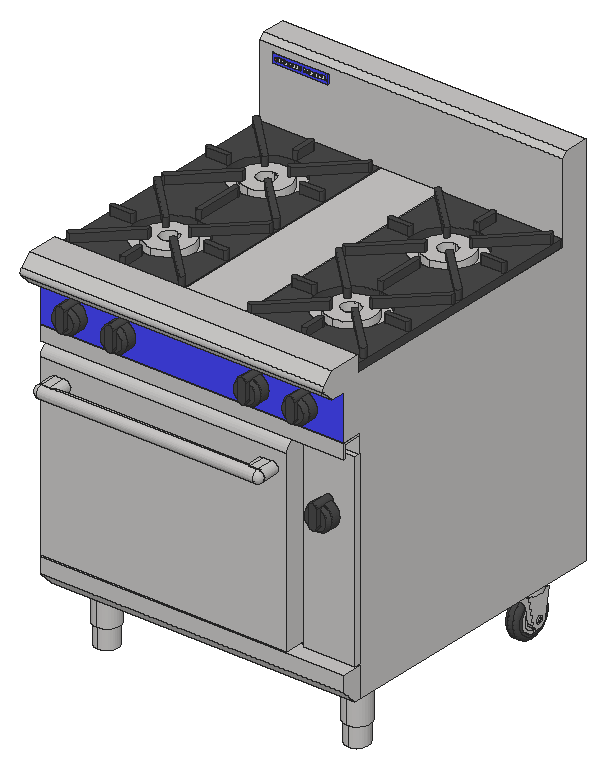
Revit family "QF_MOFFAT_BLUESEAL_CE_G505D", category Specialty Equipment, Revit 2012
Parameters
  Width = 750 mm  # constant formula
  Weight in Pounds = 401
  URL Cutsheet = "www.moffat.com"
  URL = "www.moffat.com"
  Type Mark [instance] = ""
  Status [instance] = ""
  Specification by User [instance] = ""
  Specification by Manufacturer = ""
  Show Logo [instance] = yes
  Show Clearance [instance] = yes
  Show Casters [instance] = yes
  Serial Number = ""
  Seismic Rating = ""
  SMACNA No = ""
  Revision Code [instance] = ""
  Omniclass Number and Title = ""
  NAFEM Spec ID Number = ""
  Model = "G505D"
  Mechanical Remarks [instance] = ""
  Mechanical Connection Type [instance] = ""
  Masterspec = ""
  Manufacturer = "MOFFAT BLUESEAL"
  Legs [instance] = not(Show Casters)  # no
  Item Number [instance] = ""
  Installed By [instance] = ""
  Identify Quantity as Lot [instance] = yes
  Height = 1085 mm  # constant formula
  Gas Size = 3/4"
  Gas RI Height [instance] = 0 mm
  Gas KW [instance] = 39.4
  Gas Input [instance] = 134590.0 Btu/h
  Gas Connection Height = 0 mm
  Furnished By [instance] = ""
  Foodservice Equipment Identifier [instance] = yes
  Description = "750MM GAS RANGE WITH STATIC OVEN"
  Depth = 812 mm  # constant formula
  CSI MasterFormat = ""
  CSI Master Format = ""
Reference planes
  plane 1 "BACK": y = 0
  plane 2: z = 0
  plane 3 "LEFT": x = 0
  plane 4 "RIGHT": x = 750
  plane 5 "FRONT": y = -812
  plane 6 "TOP": z = 970
  plane 7 "Center Y": x = 375
  plane 8 "Center X": y = -406
  plane 9: y = -100
  plane 10 "Base Height": z = 150
  plane 11: x = 65.8
  plane 12: x = 620
  plane 13: x = 685
  plane 14: x = 684.2
  plane 15: y = -500
  plane 16: x = 676
  plane 17: z = 1085
Forms (mm)
  Extrusion 1, solid, material "QF_Finishes_Stainless Steel"
    sketch origin (0, 0, 0) x (0, 1, 0) y (0, 0, 1)
      loop
        line (-784.97, 850) -> (-749, 850) -> (-749, 740) -> (-699, 740) -> (-699, 150) -> (0, 150) -> (0, 1085) -> (-57.5, 1085) -> (-70, 1072.5) -> (-70, 875) -> (-705, 875) -> (-705, 915) -> (-783.97, 915) -> (-808.469, 890.501)
        arc (-808.469, 890.501) -> (-811.99, 882) -> (-808.469, 873.499) r 12.022
        line (-808.469, 873.499) -> (-784.97, 850)
    from 0 to 750
  Extrusion 2, solid, material "QF_Finishes_Stainless Steel"
    sketch origin (555.062, 3, 100) x (1, 0, 0) y (0, 1, 0)
      loop
        circle (65, -35) r 13.5
    from 555 to 640
  Revolve 3, solid, material "QF_Finishes_Stainless Steel"
    sketch origin (65, -728, 0) x (0, 1, 0) y (0, 0, 1)
      loop
        line (71.25, 150) -> (71.25, 50) -> (75.5, 50) -> (75.5, 0) -> (103, 0) -> (103, 150) -> (71.25, 150)
      axis (103, 150) -> (103, 0)
    angle from 0 to 360
  Extrusion 4, solid, material "QF_Finishes_Black"
    sketch origin (0, -70, 875) x (0, -1, 0) y (1, 0, 0)
      loop
        arc (1, 4) -> (1.879, 1.879) -> (4, 1) r 3
        line (4, 1) -> (632, 1)
        arc (632, 1) -> (634.121, 1.879) -> (635, 4) r 3
        line (635, 4) -> (635, 297)
        arc (635, 297) -> (634.121, 299.121) -> (632, 300) r 3
        line (632, 300) -> (4, 300)
        arc (4, 300) -> (1.879, 299.121) -> (1, 297) r 3
        line (1, 297) -> (1, 4)
      loop
        circle (167.5, 150) r 85
      loop
        circle (467.768, 150) r 85
    from 0 to 19.5
  Extrusion 5, solid, material "QF_Finishes_Black"
    sketch origin (0, -73.5, 894.5) x (0, -1, 0) y (1, 0, 0)
      loop
        spline (323.602, 15.153) -> (322.681, 13.924) -> (322.131, 12.47) -> (321.99, 10.89) -> (322.267, 9.292) -> (322.943, 7.786) -> (323.973, 6.473) -> (325.286, 5.443) -> (326.792, 4.767) -> (328.39, 4.49) -> (329.97, 4.631) -> (331.424, 5.181) -> (332.653, 6.102)
        line (332.653, 6.102) -> (440.576, 114.025)
        spline (440.576, 114.025) -> (441.337, 115.095) -> (441.738, 116.399) -> (441.751, 117.851) -> (441.375, 119.35) -> (440.637, 120.795) -> (439.586, 122.086) -> (438.295, 123.137) -> (436.85, 123.875) -> (435.351, 124.251) -> (433.899, 124.238) -> (432.595, 123.837) -> (431.525, 123.076)
        line (431.525, 123.076) -> (323.602, 15.153)
      loop
        spline (371.852, 143.6) -> (373.146, 143.818) -> (374.352, 144.457) -> (375.388, 145.475) -> (376.182, 146.8) -> (376.682, 148.344) -> (376.852, 150) -> (376.682, 151.656) -> (376.182, 153.2) -> (375.388, 154.525) -> (374.352, 155.543) -> (373.146, 156.182) -> (371.852, 156.4)
        line (371.852, 156.4) -> (259.398, 156.4)
        spline (259.398, 156.4) -> (258.104, 156.182) -> (256.898, 155.543) -> (255.862, 154.525) -> (255.068, 153.2) -> (254.568, 151.656) -> (254.398, 150) -> (254.568, 148.344) -> (255.068, 146.8) -> (255.862, 145.475) -> (256.898, 144.457) -> (258.104, 143.818) -> (259.398, 143.6)
        line (259.398, 143.6) -> (371.852, 143.6)
      loop
        line (311.398, 15.153) -> (203.475, 123.076)
        spline (203.475, 123.076) -> (202.405, 123.837) -> (201.101, 124.238) -> (199.649, 124.251) -> (198.15, 123.875) -> (196.705, 123.137) -> (195.414, 122.086) -> (194.363, 120.795) -> (193.625, 119.35) -> (193.249, 117.851) -> (193.262, 116.399) -> (193.663, 115.095) -> (194.424, 114.025)
        line (194.424, 114.025) -> (302.347, 6.102)
        spline (302.347, 6.102) -> (303.416, 5.341) -> (304.721, 4.941) -> (306.172, 4.928) -> (307.671, 5.303) -> (309.116, 6.041) -> (310.408, 7.092) -> (311.459, 8.384) -> (312.197, 9.829) -> (312.572, 11.328) -> (312.559, 12.779) -> (312.159, 14.084) -> (311.398, 15.153)
      loop
        line (323.602, 284.847) -> (431.525, 176.924)
        spline (431.525, 176.924) -> (432.595, 176.163) -> (433.899, 175.762) -> (435.351, 175.749) -> (436.85, 176.125) -> (438.295, 176.863) -> (439.586, 177.914) -> (440.637, 179.205) -> (441.375, 180.65) -> (441.751, 182.149) -> (441.738, 183.601) -> (441.337, 184.905) -> (440.576, 185.975)
        line (440.576, 185.975) -> (332.653, 293.898)
        spline (332.653, 293.898) -> (331.424, 294.819) -> (329.97, 295.369) -> (328.39, 295.51) -> (326.792, 295.233) -> (325.286, 294.557) -> (323.973, 293.527) -> (322.943, 292.214) -> (322.267, 290.708) -> (321.99, 289.11) -> (322.131, 287.53) -> (322.681, 286.076) -> (323.602, 284.847)
      loop
        spline (311.398, 284.847) -> (312.159, 285.916) -> (312.559, 287.221) -> (312.572, 288.672) -> (312.197, 290.171) -> (311.459, 291.616) -> (310.408, 292.908) -> (309.116, 293.959) -> (307.671, 294.697) -> (306.172, 295.072) -> (304.721, 295.059) -> (303.416, 294.659) -> (302.347, 293.898)
        line (302.347, 293.898) -> (194.424, 185.975)
        spline (194.424, 185.975) -> (193.663, 184.905) -> (193.262, 183.601) -> (193.249, 182.149) -> (193.625, 180.65) -> (194.363, 179.205) -> (195.414, 177.914) -> (196.705, 176.863) -> (198.15, 176.125) -> (199.649, 175.749) -> (201.101, 175.762) -> (202.405, 176.163) -> (203.475, 176.924)
        line (203.475, 176.924) -> (311.398, 284.847)
      loop
        spline (73.549, 143.6) -> (74.844, 143.818) -> (76.049, 144.457) -> (77.085, 145.475) -> (77.88, 146.8) -> (78.379, 148.344) -> (78.549, 150) -> (78.379, 151.656) -> (77.88, 153.2) -> (77.085, 154.525) -> (76.049, 155.543) -> (74.844, 156.182) -> (73.549, 156.4)
        line (73.549, 156.4) -> (25.093, 156.4)
        spline (25.093, 156.4) -> (23.799, 156.182) -> (22.593, 155.543) -> (21.558, 154.525) -> (20.763, 153.2) -> (20.264, 151.656) -> (20.093, 150) -> (20.264, 148.344) -> (20.763, 146.8) -> (21.558, 145.475) -> (22.593, 144.457) -> (23.799, 143.818) -> (25.093, 143.6)
        line (25.093, 143.6) -> (73.549, 143.6)
      loop
        spline (608.1, 143.6) -> (609.394, 143.818) -> (610.6, 144.457) -> (611.636, 145.475) -> (612.43, 146.8) -> (612.93, 148.344) -> (613.1, 150) -> (612.93, 151.656) -> (612.43, 153.2) -> (611.636, 154.525) -> (610.6, 155.543) -> (609.394, 156.182) -> (608.1, 156.4)
        line (608.1, 156.4) -> (558.644, 156.4)
        spline (558.644, 156.4) -> (557.35, 156.182) -> (556.144, 155.543) -> (555.108, 154.525) -> (554.314, 153.2) -> (553.814, 151.656) -> (553.644, 150) -> (553.814, 148.344) -> (554.314, 146.8) -> (555.108, 145.475) -> (556.144, 144.457) -> (557.35, 143.818) -> (558.644, 143.6)
        line (558.644, 143.6) -> (608.1, 143.6)
      loop
        spline (457.6, 10.156) -> (457.818, 8.862) -> (458.457, 7.656) -> (459.475, 6.62) -> (460.8, 5.826) -> (462.344, 5.326) -> (464, 5.156) -> (465.656, 5.326) -> (467.2, 5.826) -> (468.525, 6.62) -> (469.543, 7.656) -> (470.182, 8.862) -> (470.4, 10.156)
        line (470.4, 10.156) -> (470.4, 58.612)
        spline (470.4, 58.612) -> (470.182, 59.906) -> (469.543, 61.112) -> (468.525, 62.148) -> (467.2, 62.942) -> (465.656, 63.442) -> (464, 63.612) -> (462.344, 63.442) -> (460.8, 62.942) -> (459.475, 62.148) -> (458.457, 61.112) -> (457.818, 59.906) -> (457.6, 58.612)
        line (457.6, 58.612) -> (457.6, 10.156)
      loop
        spline (160.966, 10.156) -> (161.184, 8.862) -> (161.823, 7.656) -> (162.841, 6.62) -> (164.166, 5.826) -> (165.71, 5.326) -> (167.366, 5.156) -> (169.022, 5.326) -> (170.566, 5.826) -> (171.892, 6.62) -> (172.909, 7.656) -> (173.548, 8.862) -> (173.766, 10.156)
        line (173.766, 10.156) -> (173.766, 58.612)
        spline (173.766, 58.612) -> (173.548, 59.906) -> (172.909, 61.112) -> (171.892, 62.148) -> (170.566, 62.942) -> (169.022, 63.442) -> (167.366, 63.612) -> (165.71, 63.442) -> (164.166, 62.942) -> (162.841, 62.148) -> (161.823, 61.112) -> (161.184, 59.906) -> (160.966, 58.612)
        line (160.966, 58.612) -> (160.966, 10.156)
      loop
        spline (457.6, 241.636) -> (457.818, 240.342) -> (458.457, 239.136) -> (459.475, 238.1) -> (460.8, 237.306) -> (462.344, 236.806) -> (464, 236.636) -> (465.656, 236.806) -> (467.2, 237.306) -> (468.525, 238.1) -> (469.543, 239.136) -> (470.182, 240.342) -> (470.4, 241.636)
        line (470.4, 241.636) -> (470.4, 290.092)
        spline (470.4, 290.092) -> (470.182, 291.386) -> (469.543, 292.592) -> (468.525, 293.628) -> (467.2, 294.422) -> (465.656, 294.922) -> (464, 295.092) -> (462.344, 294.922) -> (460.8, 294.422) -> (459.475, 293.628) -> (458.457, 292.592) -> (457.818, 291.386) -> (457.6, 290.092)
        line (457.6, 290.092) -> (457.6, 241.636)
      loop
        spline (160.966, 241.636) -> (161.184, 240.342) -> (161.823, 239.136) -> (162.841, 238.1) -> (164.166, 237.306) -> (165.71, 236.806) -> (167.366, 236.636) -> (169.022, 236.806) -> (170.566, 237.306) -> (171.892, 238.1) -> (172.909, 239.136) -> (173.548, 240.342) -> (173.766, 241.636)
        line (173.766, 241.636) -> (173.766, 290.092)
        spline (173.766, 290.092) -> (173.548, 291.386) -> (172.909, 292.592) -> (171.892, 293.628) -> (170.566, 294.422) -> (169.022, 294.922) -> (167.366, 295.092) -> (165.71, 294.922) -> (164.166, 294.422) -> (162.841, 293.628) -> (161.823, 292.592) -> (161.184, 291.386) -> (160.966, 290.092)
        line (160.966, 290.092) -> (160.966, 241.636)
      loop
        line (323.602, 734.847) -> (431.525, 626.924)
        spline (431.525, 626.924) -> (432.595, 626.163) -> (433.899, 625.762) -> (435.351, 625.749) -> (436.85, 626.125) -> (438.295, 626.863) -> (439.586, 627.914) -> (440.637, 629.205) -> (441.375, 630.65) -> (441.751, 632.149) -> (441.738, 633.601) -> (441.337, 634.905) -> (440.576, 635.975)
        line (440.576, 635.975) -> (332.653, 743.898)
        spline (332.653, 743.898) -> (331.424, 744.819) -> (329.97, 745.369) -> (328.39, 745.51) -> (326.792, 745.233) -> (325.286, 744.557) -> (323.973, 743.527) -> (322.943, 742.214) -> (322.267, 740.708) -> (321.99, 739.11) -> (322.131, 737.53) -> (322.681, 736.076) -> (323.602, 734.847)
      loop
        line (371.852, 606.4) -> (259.398, 606.4)
        spline (259.398, 606.4) -> (258.104, 606.182) -> (256.898, 605.543) -> (255.862, 604.525) -> (255.068, 603.2) -> (254.568, 601.656) -> (254.398, 600) -> (254.568, 598.344) -> (255.068, 596.8) -> (255.862, 595.475) -> (256.898, 594.457) -> (258.104, 593.818) -> (259.398, 593.6)
        line (259.398, 593.6) -> (371.852, 593.6)
        spline (371.852, 593.6) -> (373.146, 593.818) -> (374.352, 594.457) -> (375.388, 595.475) -> (376.182, 596.8) -> (376.682, 598.344) -> (376.852, 600) -> (376.682, 601.656) -> (376.182, 603.2) -> (375.388, 604.525) -> (374.352, 605.543) -> (373.146, 606.182) -> (371.852, 606.4)
      loop
        spline (311.398, 734.847) -> (312.159, 735.916) -> (312.559, 737.221) -> (312.572, 738.672) -> (312.197, 740.171) -> (311.459, 741.616) -> (310.408, 742.908) -> (309.116, 743.959) -> (307.671, 744.697) -> (306.172, 745.072) -> (304.721, 745.059) -> (303.416, 744.659) -> (302.347, 743.898)
        line (302.347, 743.898) -> (194.424, 635.975)
        spline (194.424, 635.975) -> (193.663, 634.905) -> (193.262, 633.601) -> (193.249, 632.149) -> (193.625, 630.65) -> (194.363, 629.205) -> (195.414, 627.914) -> (196.705, 626.863) -> (198.15, 626.125) -> (199.649, 625.749) -> (201.101, 625.762) -> (202.405, 626.163) -> (203.475, 626.924)
        line (203.475, 626.924) -> (311.398, 734.847)
      loop
        spline (323.602, 465.153) -> (322.681, 463.924) -> (322.131, 462.47) -> (321.99, 460.89) -> (322.267, 459.292) -> (322.943, 457.786) -> (323.973, 456.473) -> (325.286, 455.443) -> (326.792, 454.767) -> (328.39, 454.49) -> (329.97, 454.631) -> (331.424, 455.181) -> (332.653, 456.102)
        line (332.653, 456.102) -> (440.576, 564.025)
        spline (440.576, 564.025) -> (441.337, 565.095) -> (441.738, 566.399) -> (441.751, 567.851) -> (441.375, 569.35) -> (440.637, 570.795) -> (439.586, 572.086) -> (438.295, 573.137) -> (436.85, 573.875) -> (435.351, 574.251) -> (433.899, 574.238) -> (432.595, 573.837) -> (431.525, 573.076)
        line (431.525, 573.076) -> (323.602, 465.153)
      loop
        line (311.398, 465.153) -> (203.475, 573.076)
        spline (203.475, 573.076) -> (202.405, 573.837) -> (201.101, 574.238) -> (199.649, 574.251) -> (198.15, 573.875) -> (196.705, 573.137) -> (195.414, 572.086) -> (194.363, 570.795) -> (193.625, 569.35) -> (193.249, 567.851) -> (193.262, 566.399) -> (193.663, 565.095) -> (194.424, 564.025)
        line (194.424, 564.025) -> (302.347, 456.102)
        spline (302.347, 456.102) -> (303.416, 455.341) -> (304.721, 454.941) -> (306.172, 454.928) -> (307.671, 455.303) -> (309.116, 456.041) -> (310.408, 457.092) -> (311.459, 458.384) -> (312.197, 459.829) -> (312.572, 461.328) -> (312.559, 462.779) -> (312.159, 464.084) -> (311.398, 465.153)
      loop
        line (73.549, 606.4) -> (25.093, 606.4)
        spline (25.093, 606.4) -> (23.799, 606.182) -> (22.593, 605.543) -> (21.558, 604.525) -> (20.763, 603.2) -> (20.264, 601.656) -> (20.093, 600) -> (20.264, 598.344) -> (20.763, 596.8) -> (21.558, 595.475) -> (22.593, 594.457) -> (23.799, 593.818) -> (25.093, 593.6)
        line (25.093, 593.6) -> (73.549, 593.6)
        spline (73.549, 593.6) -> (74.844, 593.818) -> (76.049, 594.457) -> (77.085, 595.475) -> (77.88, 596.8) -> (78.379, 598.344) -> (78.549, 600) -> (78.379, 601.656) -> (77.88, 603.2) -> (77.085, 604.525) -> (76.049, 605.543) -> (74.844, 606.182) -> (73.549, 606.4)
      loop
        line (608.1, 606.4) -> (558.644, 606.4)
        spline (558.644, 606.4) -> (557.35, 606.182) -> (556.144, 605.543) -> (555.108, 604.525) -> (554.314, 603.2) -> (553.814, 601.656) -> (553.644, 600) -> (553.814, 598.344) -> (554.314, 596.8) -> (555.108, 595.475) -> (556.144, 594.457) -> (557.35, 593.818) -> (558.644, 593.6)
        line (558.644, 593.6) -> (608.1, 593.6)
        spline (608.1, 593.6) -> (609.394, 593.818) -> (610.6, 594.457) -> (611.636, 595.475) -> (612.43, 596.8) -> (612.93, 598.344) -> (613.1, 600) -> (612.93, 601.656) -> (612.43, 603.2) -> (611.636, 604.525) -> (610.6, 605.543) -> (609.394, 606.182) -> (608.1, 606.4)
      loop
        line (457.6, 739.844) -> (457.6, 691.388)
        spline (457.6, 691.388) -> (457.818, 690.094) -> (458.457, 688.888) -> (459.475, 687.852) -> (460.8, 687.058) -> (462.344, 686.558) -> (464, 686.388) -> (465.656, 686.558) -> (467.2, 687.058) -> (468.525, 687.852) -> (469.543, 688.888) -> (470.182, 690.094) -> (470.4, 691.388)
        line (470.4, 691.388) -> (470.4, 739.844)
        spline (470.4, 739.844) -> (470.182, 741.138) -> (469.543, 742.344) -> (468.525, 743.38) -> (467.2, 744.174) -> (465.656, 744.674) -> (464, 744.844) -> (462.344, 744.674) -> (460.8, 744.174) -> (459.475, 743.38) -> (458.457, 742.344) -> (457.818, 741.138) -> (457.6, 739.844)
      loop
        line (160.966, 739.844) -> (160.966, 691.388)
        spline (160.966, 691.388) -> (161.184, 690.094) -> (161.823, 688.888) -> (162.841, 687.852) -> (164.166, 687.058) -> (165.71, 686.558) -> (167.366, 686.388) -> (169.022, 686.558) -> (170.566, 687.058) -> (171.892, 687.852) -> (172.909, 688.888) -> (173.548, 690.094) -> (173.766, 691.388)
        line (173.766, 691.388) -> (173.766, 739.844)
        spline (173.766, 739.844) -> (173.548, 741.138) -> (172.909, 742.344) -> (171.892, 743.38) -> (170.566, 744.174) -> (169.022, 744.674) -> (167.366, 744.844) -> (165.71, 744.674) -> (164.166, 744.174) -> (162.841, 743.38) -> (161.823, 742.344) -> (161.184, 741.138) -> (160.966, 739.844)
      loop
        line (457.6, 508.364) -> (457.6, 459.908)
        spline (457.6, 459.908) -> (457.818, 458.614) -> (458.457, 457.408) -> (459.475, 456.372) -> (460.8, 455.578) -> (462.344, 455.078) -> (464, 454.908) -> (465.656, 455.078) -> (467.2, 455.578) -> (468.525, 456.372) -> (469.543, 457.408) -> (470.182, 458.614) -> (470.4, 459.908)
        line (470.4, 459.908) -> (470.4, 508.364)
        spline (470.4, 508.364) -> (470.182, 509.658) -> (469.543, 510.864) -> (468.525, 511.9) -> (467.2, 512.694) -> (465.656, 513.194) -> (464, 513.364) -> (462.344, 513.194) -> (460.8, 512.694) -> (459.475, 511.9) -> (458.457, 510.864) -> (457.818, 509.658) -> (457.6, 508.364)
      loop
        line (160.966, 508.364) -> (160.966, 459.908)
        spline (160.966, 459.908) -> (161.184, 458.614) -> (161.823, 457.408) -> (162.841, 456.372) -> (164.166, 455.578) -> (165.71, 455.078) -> (167.366, 454.908) -> (169.022, 455.078) -> (170.566, 455.578) -> (171.892, 456.372) -> (172.909, 457.408) -> (173.548, 458.614) -> (173.766, 459.908)
        line (173.766, 459.908) -> (173.766, 508.364)
        spline (173.766, 508.364) -> (173.548, 509.658) -> (172.909, 510.864) -> (171.892, 511.9) -> (170.566, 512.694) -> (169.022, 513.194) -> (167.366, 513.364) -> (165.71, 513.194) -> (164.166, 512.694) -> (162.841, 511.9) -> (161.823, 510.864) -> (161.184, 509.658) -> (160.966, 508.364)
      loop
        spline (604.398, 734.847) -> (605.319, 736.076) -> (605.869, 737.53) -> (606.01, 739.11) -> (605.733, 740.708) -> (605.057, 742.214) -> (604.027, 743.527) -> (602.714, 744.557) -> (601.208, 745.233) -> (599.61, 745.51) -> (598.03, 745.369) -> (596.576, 744.819) -> (595.347, 743.898)
        line (595.347, 743.898) -> (487.424, 635.975)
        spline (487.424, 635.975) -> (486.663, 634.905) -> (486.262, 633.601) -> (486.249, 632.149) -> (486.625, 630.65) -> (487.363, 629.205) -> (488.414, 627.914) -> (489.705, 626.863) -> (491.15, 626.125) -> (492.649, 625.749) -> (494.101, 625.762) -> (495.405, 626.163) -> (496.475, 626.924)
        line (496.475, 626.924) -> (604.398, 734.847)
      loop
        line (604.398, 465.153) -> (496.475, 573.076)
        spline (496.475, 573.076) -> (495.405, 573.837) -> (494.101, 574.238) -> (492.649, 574.251) -> (491.15, 573.875) -> (489.705, 573.137) -> (488.414, 572.086) -> (487.363, 570.795) -> (486.625, 569.35) -> (486.249, 567.851) -> (486.262, 566.399) -> (486.663, 565.095) -> (487.424, 564.025)
        line (487.424, 564.025) -> (595.347, 456.102)
        spline (595.347, 456.102) -> (596.576, 455.181) -> (598.03, 454.631) -> (599.61, 454.49) -> (601.208, 454.767) -> (602.714, 455.443) -> (604.027, 456.473) -> (605.057, 457.786) -> (605.733, 459.292) -> (606.01, 460.89) -> (605.869, 462.47) -> (605.319, 463.924) -> (604.398, 465.153)
      loop
        line (604.398, 15.153) -> (496.475, 123.076)
        spline (496.475, 123.076) -> (495.405, 123.837) -> (494.101, 124.238) -> (492.649, 124.251) -> (491.15, 123.875) -> (489.705, 123.137) -> (488.414, 122.086) -> (487.363, 120.795) -> (486.625, 119.35) -> (486.249, 117.851) -> (486.262, 116.399) -> (486.663, 115.095) -> (487.424, 114.025)
        line (487.424, 114.025) -> (595.347, 6.102)
        spline (595.347, 6.102) -> (596.576, 5.181) -> (598.03, 4.631) -> (599.61, 4.49) -> (601.208, 4.767) -> (602.714, 5.443) -> (604.027, 6.473) -> (605.057, 7.786) -> (605.733, 9.292) -> (606.01, 10.89) -> (605.869, 12.47) -> (605.319, 13.924) -> (604.398, 15.153)
      loop
        spline (604.398, 284.847) -> (605.319, 286.076) -> (605.869, 287.53) -> (606.01, 289.11) -> (605.733, 290.708) -> (605.057, 292.214) -> (604.027, 293.527) -> (602.714, 294.557) -> (601.208, 295.233) -> (599.61, 295.51) -> (598.03, 295.369) -> (596.576, 294.819) -> (595.347, 293.898)
        line (595.347, 293.898) -> (487.424, 185.975)
        spline (487.424, 185.975) -> (486.663, 184.905) -> (486.262, 183.601) -> (486.249, 182.149) -> (486.625, 180.65) -> (487.363, 179.205) -> (488.414, 177.914) -> (489.705, 176.863) -> (491.15, 176.125) -> (492.649, 175.749) -> (494.101, 175.762) -> (495.405, 176.163) -> (496.475, 176.924)
        line (496.475, 176.924) -> (604.398, 284.847)
      loop
        line (16.602, 734.847) -> (124.525, 626.924)
        spline (124.525, 626.924) -> (125.595, 626.163) -> (126.899, 625.762) -> (128.351, 625.749) -> (129.85, 626.125) -> (131.295, 626.863) -> (132.586, 627.914) -> (133.637, 629.205) -> (134.375, 630.65) -> (134.751, 632.149) -> (134.738, 633.601) -> (134.337, 634.905) -> (133.576, 635.975)
        line (133.576, 635.975) -> (25.653, 743.898)
        spline (25.653, 743.898) -> (24.584, 744.659) -> (23.279, 745.059) -> (21.828, 745.072) -> (20.329, 744.697) -> (18.884, 743.959) -> (17.592, 742.908) -> (16.541, 741.616) -> (15.803, 740.171) -> (15.428, 738.672) -> (15.441, 737.221) -> (15.841, 735.916) -> (16.602, 734.847)
      loop
        spline (16.602, 465.153) -> (15.841, 464.084) -> (15.441, 462.779) -> (15.428, 461.328) -> (15.803, 459.829) -> (16.541, 458.384) -> (17.592, 457.092) -> (18.884, 456.041) -> (20.329, 455.303) -> (21.828, 454.928) -> (23.279, 454.941) -> (24.584, 455.341) -> (25.653, 456.102)
        line (25.653, 456.102) -> (133.576, 564.025)
        spline (133.576, 564.025) -> (134.337, 565.095) -> (134.738, 566.399) -> (134.751, 567.851) -> (134.375, 569.35) -> (133.637, 570.795) -> (132.586, 572.086) -> (131.295, 573.137) -> (129.85, 573.875) -> (128.351, 574.251) -> (126.899, 574.238) -> (125.595, 573.837) -> (124.525, 573.076)
        line (124.525, 573.076) -> (16.602, 465.153)
      loop
        spline (16.602, 15.153) -> (15.841, 14.084) -> (15.441, 12.779) -> (15.428, 11.328) -> (15.803, 9.829) -> (16.541, 8.384) -> (17.592, 7.092) -> (18.884, 6.041) -> (20.329, 5.303) -> (21.828, 4.928) -> (23.279, 4.941) -> (24.584, 5.341) -> (25.653, 6.102)
        line (25.653, 6.102) -> (133.576, 114.025)
        spline (133.576, 114.025) -> (134.337, 115.095) -> (134.738, 116.399) -> (134.751, 117.851) -> (134.375, 119.35) -> (133.637, 120.795) -> (132.586, 122.086) -> (131.295, 123.137) -> (129.85, 123.875) -> (128.351, 124.251) -> (126.899, 124.238) -> (125.595, 123.837) -> (124.525, 123.076)
        line (124.525, 123.076) -> (16.602, 15.153)
      loop
        line (16.602, 284.847) -> (124.525, 176.924)
        spline (124.525, 176.924) -> (125.595, 176.163) -> (126.899, 175.762) -> (128.351, 175.749) -> (129.85, 176.125) -> (131.295, 176.863) -> (132.586, 177.914) -> (133.637, 179.205) -> (134.375, 180.65) -> (134.751, 182.149) -> (134.738, 183.601) -> (134.337, 184.905) -> (133.576, 185.975)
        line (133.576, 185.975) -> (25.653, 293.898)
        spline (25.653, 293.898) -> (24.584, 294.659) -> (23.279, 295.059) -> (21.828, 295.072) -> (20.329, 294.697) -> (18.884, 293.959) -> (17.592, 292.908) -> (16.541, 291.616) -> (15.803, 290.171) -> (15.428, 288.672) -> (15.441, 287.221) -> (15.841, 285.916) -> (16.602, 284.847)
    from 0 to 20.5
  Revolve 6, solid, material "QF_Finishes_Stainless Steel"
    sketch origin (685, -728, 0) x (0, 1, 0) y (0, 0, -1)
      loop
        line (71.25, -150) -> (103, -150) -> (103, 0) -> (75.5, 0) -> (75.5, -50) -> (71.25, -50) -> (71.25, -150)
      axis (103, -150) -> (103, 0)
    angle from 0 to 360
  Extrusion 7, solid, material "QF_Finishes_Stainless Steel"
    sketch origin (0, -70, 875) x (0, -1, 0) y (1, 0, 0)
      loop
        line (634, 300) -> (634, 450) -> (0, 450) -> (0, 300) -> (634, 300)
    from 0 to 19.5
  Extrusion 8, void
    sketch origin (0, -749, 227.5) x (0, 0, -1) y (-1, 0, 0)
      loop
        line (-465, -610) -> (-465, -625) -> (0, -625) -> (0, -610) -> (-465, -610)
    from -7 to 50
  Extrusion 9, solid, material "QF_Finishes_Black"
    sketch origin (750, -70, 875) x (0, -1, 0) y (1, 0, 0)
      loop
        line (1, -4) -> (1, -297)
        arc (1, -297) -> (1.879, -299.121) -> (4, -300) r 3
        line (4, -300) -> (632, -300)
        arc (632, -300) -> (634.121, -299.121) -> (635, -297) r 3
        line (635, -297) -> (635, -4)
        arc (635, -4) -> (634.121, -1.879) -> (632, -1) r 3
        line (632, -1) -> (4, -1)
        arc (4, -1) -> (1.879, -1.879) -> (1, -4) r 3
      loop
        circle (167.5, -150) r 85
      loop
        circle (467.768, -150) r 85
    from 0 to 19.5
  Revolve 10, solid, material "QF_Finishes_Black"
    sketch origin (210, 7, 758.895) x (0, -1, 0) y (0, 0, 1)
      loop
        line (789, 69.605) -> (766, 69.605) -> (766, 42.105) -> (756, 42.105) -> (756, 37.105) -> (800, 37.105) -> (800, 63.757) -> (789, 69.605)
      axis (800, 37.105) -> (756, 37.105)
    angle from 0 to 360
  Revolve 11, solid, material "QF_Finishes_Black"
    sketch origin (89.999, 7, 758.768) x (0, 1, 0) y (0, 0, -1)
      loop
        line (-789, -69.5) -> (-766, -69.5) -> (-766, -42) -> (-756, -42) -> (-756, -37) -> (-800, -37) -> (-800, -63.651) -> (-789, -69.5)
      axis (-800, -37) -> (-756, -37)
    angle from 0 to 360
  Extrusion 12, solid, material "QF_Finishes_Black"
    sketch origin (228.269, 7, 758.926) x (-1, 0, 0) y (0, 0, -1)
      loop
        arc (148.269, -24.969) -> (138.269, -14.969) -> (128.269, -24.969) r 10
        line (128.269, -24.969) -> (128.269, -63.969)
        arc (128.269, -63.969) -> (138.269, -73.969) -> (148.269, -63.969) r 10
        line (148.269, -63.969) -> (148.269, -24.969)
    from 759 to 808
  Extrusion 13, solid, material "QF_Finishes_Black"
    sketch origin (349.45, 7, 758.926) x (-1, 0, 0) y (0, 0, -1)
      loop
        arc (148.269, -24.969) -> (138.269, -14.969) -> (128.269, -24.969) r 10
        line (128.269, -24.969) -> (128.269, -63.969)
        arc (128.269, -63.969) -> (138.269, -73.969) -> (148.269, -63.969) r 10
        line (148.269, -63.969) -> (148.269, -24.969)
    from 759 to 808
  Revolve 14, solid, material "QF_Finishes_Black"
    sketch origin (540, 7, 758.895) x (0, -1, 0) y (0, 0, -1)
      loop
        line (789, -69.605) -> (800, -63.757) -> (800, -37.105) -> (756, -37.105) -> (756, -42.105) -> (766, -42.105) -> (766, -69.605) -> (789, -69.605)
      axis (800, -37.105) -> (756, -37.105)
    angle from 0 to 360
  Revolve 15, solid, material "QF_Finishes_Black"
    sketch origin (660.001, 7, 758.768) x (0, 1, 0) y (0, 0, 1)
      loop
        line (-789, 69.5) -> (-800, 63.651) -> (-800, 37) -> (-756, 37) -> (-756, 42) -> (-766, 42) -> (-766, 69.5) -> (-789, 69.5)
      axis (-800, 37) -> (-756, 37)
    angle from 0 to 360
  Extrusion 16, solid, material "QF_Finishes_Black"
    sketch origin (521.731, 7, 758.926) x (1, 0, 0) y (0, 0, 1)
      loop
        line (148.269, 24.969) -> (148.269, 63.969)
        arc (148.269, 63.969) -> (138.269, 73.969) -> (128.269, 63.969) r 10
        line (128.269, 63.969) -> (128.269, 24.969)
        arc (128.269, 24.969) -> (138.269, 14.969) -> (148.269, 24.969) r 10
    from 759 to 808
  Extrusion 17, solid, material "QF_Finishes_Black"
    sketch origin (401.731, 7, 758.926) x (1, 0, 0) y (0, 0, 1)
      loop
        line (148.269, 24.969) -> (148.269, 63.969)
        arc (148.269, 63.969) -> (138.269, 73.969) -> (128.269, 63.969) r 10
        line (128.269, 63.969) -> (128.269, 24.969)
        arc (128.269, 24.969) -> (138.269, 14.969) -> (148.269, 24.969) r 10
    from 759 to 808
  Revolve 18, solid, material "QF_Finishes_Black"
    sketch origin (687.53, 42.5, 355.134) x (0, 1, 0) y (0, 0, 1)
      loop
        line (-789, 229.5) -> (-800, 223.651) -> (-800, 197) -> (-756, 197) -> (-756, 202) -> (-766, 202) -> (-766, 229.5) -> (-789, 229.5)
      axis (-800, 197) -> (-756, 197)
    angle from 0 to 360
  Extrusion 19, solid, material "QF_Finishes_Black"
    sketch origin (549.26, 42.5, 355.292) x (1, 0, 0) y (0, 0, 1)
      loop
        line (148.269, 184.969) -> (148.269, 223.969)
        arc (148.269, 223.969) -> (138.269, 233.969) -> (128.269, 223.969) r 10
        line (128.269, 223.969) -> (128.269, 184.969)
        arc (128.269, 184.969) -> (138.269, 174.969) -> (148.269, 184.969) r 10
    from 759 to 808
  Extrusion 20, solid, material "QF_Door-Drawer Clearances", visible <- "Show Clearance", detail levels coarse
    sketch origin (0, 7, 0) x (0, -1, 0) y (0, 0, 1)
      loop
        line (756, 690.016) -> (756, 227.5) -> (1218.516, 227.5)
        arc (1218.516, 227.5) -> (1083.048, 554.548) -> (756, 690.016) r 462.516
    from 0 to -610
  Extrusion 21, void
    sketch origin (0, 0, 150) x (-1, 0, 0) y (0, -1, 0)
      loop
        line (-681, 87.26) -> (-681, -30.24) -> (-551.5, -30.24) -> (-551.5, 38.76) -> (-600, 87.26) -> (-681, 87.26)
    from 72.5 to 590
  Extrusion 22, void
    sketch origin (35, -749, 227.5) x (0, 0, -1) y (-1, 0, 0)
      loop
        line (-472.5, -590) -> (-472.5, -715) -> (0, -715) -> (0, -590) -> (-472.5, -590)
    from -7 to 35
  Extrusion 23, solid, material "QF_Finishes_Stainless Steel"
    sketch origin (0, -70, 875) x (0, -1, 0) y (1, 0, 0)
      loop
        circle (467.5, 600) r 57
      loop
        circle (167.5, 600) r 57
      loop
        circle (467.5, 600) r 22
      loop
        circle (167.5, 600) r 22
      loop
        circle (467.5, 150) r 57
      loop
        circle (167.5, 150) r 57
      loop
        circle (467.5, 150) r 22
      loop
        circle (167.5, 150) r 22
    from 0 to 19.5
  Extrusion 24, solid, material "QF_Finishes_Stainless Steel"
    sketch origin (0, -749, 227.5) x (0, 0, 1) y (-1, 0, 0)
      loop
        line (380.625, -38.246) -> (380.625, -58.528)
        arc (380.625, -58.528) -> (395.625, -73.528) -> (410.625, -58.528) r 15
        line (410.625, -58.528) -> (410.625, -38.246)
        arc (410.625, -38.246) -> (395.625, -23.246) -> (380.625, -38.246) r 15
      loop
        arc (380.625, -573.039) -> (395.625, -588.039) -> (410.625, -573.039) r 15
        line (410.625, -573.039) -> (410.625, -552.757)
        arc (410.625, -552.757) -> (395.625, -537.757) -> (380.625, -552.757) r 15
        line (380.625, -552.757) -> (380.625, -573.039)
    from 0 to 44
  Revolve 25, solid, material "QF_Finishes_Stainless Steel"
    sketch origin (0, -793, 0) x (1, 0, 0) y (0, 0, 1)
      loop
        arc (588.039, 623.125) -> (583.646, 633.732) -> (573.039, 638.125) r 15
        line (573.039, 638.125) -> (38.246, 638.125)
        arc (38.246, 638.125) -> (27.64, 633.732) -> (23.246, 623.125) r 15
        line (23.246, 623.125) -> (588.039, 623.125)
      axis (588.039, 623.125) -> (23.246, 623.125)
    angle from 0 to 360
  Extrusion 26, solid, material "QF_Finishes_Stainless Steel"
    sketch origin (0, 7, 0) x (0, 1, 0) y (0, 0, 1)
      loop
        line (-706, 227.5) -> (-706, 692.5) -> (-729.805, 692.5)
        arc (-729.805, 692.5) -> (-748.328, 684.828) -> (-756, 666.305) r 26.195
        line (-756, 666.305) -> (-756, 227.5) -> (-706, 227.5)
    from 0 to 750
  Extrusion 27, solid, material "QF_Finishes_Stainless Steel"
    sketch origin (0, 7, 0) x (0, 1, 0) y (0, 0, 1)
      loop
        line (-756, 738) -> (-756, 703) -> (-752.98, 703) -> (-752.98, 735) -> (-708, 735) -> (-708, 738) -> (-756, 738)
    from 0 to 750
  Extrusion 28, solid, material "QF_Finishes_Stainless Steel"
    sketch origin (0, 7, 0) x (0, 1, 0) y (0, 0, 1)
      loop
        line (-706, 222.5) -> (-756, 222.5) -> (-756, 186) -> (-720, 150) -> (-706, 150) -> (-706, 222.5)
    from 0 to 750
  Extrusion 29, solid, material "QF_Finishes_Stainless Steel", visible <- "Show Casters"
    sketch origin (71.501, 133.353, -8.783) x (0, 1, 0) y (0, 0, 1)
      loop
        line (-201.603, 118.783) -> (-265.103, 118.783) -> (-252.746, 53.895)
        arc (-252.746, 53.895) -> (-233.353, 38.783) -> (-213.959, 53.895) r 20
        line (-213.959, 53.895) -> (-201.603, 118.783)
    from -35.667 to 22.923
  Revolve 30, solid, material "QF_Finishes_Stainless Steel", visible <- "Show Casters"
    sketch origin (65, -203, 0) x (0, 1, 0) y (0, 0, 1)
      loop
        line (67.25, 150) -> (67.25, 110) -> (103, 110) -> (103, 150) -> (67.25, 150)
      axis (103, 150) -> (103, 110)
    angle from 0 to 360
  Revolve 31, solid, material "QF_Finishes_Stainless Steel", visible <- "Show Casters"
    sketch origin (685, -203, 0) x (0, 1, 0) y (0, 0, -1)
      loop
        line (67.25, -150) -> (103, -150) -> (103, -110) -> (67.25, -110) -> (67.25, -150)
      axis (103, -150) -> (103, -110)
    angle from 0 to 360
  Revolve 32, solid, material "QF_Finishes_Stainless Steel", visible <- "Show Casters"
    sketch origin (635.776, -99.755, -13.653) x (1, 0, 0) y (0, 0, 1)
      loop
        line (14.841, 64.453) -> (83.584, 64.453) -> (83.584, 67.958) -> (82.314, 69.228) -> (80.79, 69.228) -> (80.79, 72.674) -> (68.644, 72.674) -> (68.644, 82.639) -> (65.088, 84.692) -> (63.738, 93.028) -> (65.881, 93.028) -> (65.881, 99.378) -> (65.088, 99.378) -> (65.088, 105.728)
        arc (65.088, 105.728) -> (62.298, 112.463) -> (55.563, 115.253) r 9.525
        line (55.563, 115.253) -> (42.863, 115.253)
        arc (42.863, 115.253) -> (36.127, 112.463) -> (33.338, 105.728) r 9.525
        line (33.338, 105.728) -> (33.338, 99.378) -> (32.544, 99.378) -> (32.544, 93.028) -> (34.687, 93.028) -> (33.352, 84.781) -> (29.782, 82.719) -> (29.782, 72.674) -> (17.635, 72.674) -> (17.635, 69.228) -> (16.111, 69.228) -> (14.841, 67.958) -> (14.841, 64.453)
      axis (14.841, 64.453) -> (83.584, 64.453)
    angle from 0 to 360
  Extrusion 33, solid, material "QF_Finishes_Stainless Steel", visible <- "Show Casters"
    sketch origin (691.501, 133.353, -8.783) x (0, 1, 0) y (0, 0, 1)
      loop
        line (-201.603, 118.783) -> (-265.103, 118.783) -> (-252.746, 53.895)
        arc (-252.746, 53.895) -> (-233.353, 38.783) -> (-213.959, 53.895) r 20
        line (-213.959, 53.895) -> (-201.603, 118.783)
    from -35.667 to 22.923
  Revolve 34, solid, material "QF_Finishes_Stainless Steel", visible <- "Legs"
    sketch origin (65, -165, 0) x (0, 1, 0) y (0, 0, 1)
      loop
        line (33.25, 150) -> (33.25, 50) -> (37.5, 50) -> (37.5, 0) -> (65, 0) -> (65, 150) -> (33.25, 150)
      axis (65, 150) -> (65, 0)
    angle from 0 to 360
  Revolve 35, solid, material "QF_Finishes_Stainless Steel", visible <- "Legs"
    sketch origin (685, -165, 0) x (0, 1, 0) y (0, 0, -1)
      loop
        line (33.25, -150) -> (65, -150) -> (65, 0) -> (37.5, 0) -> (37.5, -50) -> (33.25, -50) -> (33.25, -150)
      axis (65, -150) -> (65, 0)
    angle from 0 to 360
  Revolve 36, solid, material "QF_Finishes_Stainless Steel", visible <- "Show Casters"
    sketch origin (114.224, -99.755, -13.653) x (-1, 0, 0) y (0, 0, -1)
      loop
        line (14.841, -64.453) -> (14.841, -67.958) -> (16.111, -69.228) -> (17.635, -69.228) -> (17.635, -72.674) -> (29.782, -72.674) -> (29.782, -82.719) -> (33.352, -84.781) -> (34.687, -93.028) -> (32.544, -93.028) -> (32.544, -99.378) -> (33.338, -99.378) -> (33.338, -105.728)
        arc (33.338, -105.728) -> (36.127, -112.463) -> (42.863, -115.253) r 9.525
        line (42.863, -115.253) -> (55.563, -115.253)
        arc (55.563, -115.253) -> (62.298, -112.463) -> (65.088, -105.728) r 9.525
        line (65.088, -105.728) -> (65.088, -99.378) -> (65.881, -99.378) -> (65.881, -93.028) -> (63.738, -93.028) -> (65.088, -84.692) -> (68.644, -82.639) -> (68.644, -72.674) -> (80.79, -72.674) -> (80.79, -69.228) -> (82.314, -69.228) -> (83.584, -67.958) -> (83.584, -64.453) -> (14.841, -64.453)
      axis (14.841, -64.453) -> (83.584, -64.453)
    angle from 0 to 360
Cuts and joins
  Extrusion 8, Extrusion 21, Extrusion 22 cuts Extrusion 1
  Extrusion 8, Extrusion 22 cuts Extrusion 26
Lines and regions (mm)
  Split face 1
    outline origin (0, -70, 894.5) x (0, -1, 0) y (1, 0, 0)
      loop
        circle (45.037, 327.576) r 8
  Split face 2
    outline origin (47.424, -70, 894.5) x (0, -1, 0) y (1, 0, 0)
      loop
        circle (45.037, 327.576) r 8
  Split face 3
    outline origin (750, -70, 894.5) x (0, -1, 0) y (1, 0, 0)
      loop
        circle (45.037, -327.576) r 8
  Split face 4
    outline origin (0, -104, 894.5) x (0, -1, 0) y (1, 0, 0)
      loop
        circle (45.037, 327.576) r 8
  Split face 5
    outline origin (47.424, -104, 894.5) x (0, -1, 0) y (1, 0, 0)
      loop
        circle (45.037, 327.576) r 8
  Split face 6
    outline origin (750, -104, 894.5) x (0, -1, 0) y (1, 0, 0)
      loop
        circle (45.037, -327.576) r 8
  Split face 7
    outline origin (0, -138, 894.5) x (0, -1, 0) y (1, 0, 0)
      loop
        circle (45.037, 327.576) r 8
  Split face 8
    outline origin (47.424, -138, 894.5) x (0, -1, 0) y (1, 0, 0)
      loop
        circle (45.037, 327.576) r 8
  Split face 9
    outline origin (750, -138, 894.5) x (0, -1, 0) y (1, 0, 0)
      loop
        circle (45.037, -327.576) r 8
  Split face 10
    outline origin (0, -172, 894.5) x (0, -1, 0) y (1, 0, 0)
      loop
        circle (45.037, 327.576) r 8
  Split face 11
    outline origin (47.424, -172, 894.5) x (0, -1, 0) y (1, 0, 0)
      loop
        circle (45.037, 327.576) r 8
  Split face 12
    outline origin (750, -172, 894.5) x (0, -1, 0) y (1, 0, 0)
      loop
        circle (45.037, -327.576) r 8
  Split face 13
    outline origin (0, -206, 894.5) x (0, -1, 0) y (1, 0, 0)
      loop
        circle (45.037, 327.576) r 8
  Split face 14
    outline origin (47.424, -206, 894.5) x (0, -1, 0) y (1, 0, 0)
      loop
        circle (45.037, 327.576) r 8
  Split face 15
    outline origin (750, -206, 894.5) x (0, -1, 0) y (1, 0, 0)
      loop
        circle (45.037, -327.576) r 8
  Split face 16
    outline origin (0, -240, 894.5) x (0, -1, 0) y (1, 0, 0)
      loop
        circle (45.037, 327.576) r 8
  Split face 17
    outline origin (47.424, -240, 894.5) x (0, -1, 0) y (1, 0, 0)
      loop
        circle (45.037, 327.576) r 8
  Split face 18
    outline origin (750, -240, 894.5) x (0, -1, 0) y (1, 0, 0)
      loop
        circle (45.037, -327.576) r 8
  Split face 19
    outline origin (0, -274, 894.5) x (0, -1, 0) y (1, 0, 0)
      loop
        circle (45.037, 327.576) r 8
  Split face 20
    outline origin (47.424, -274, 894.5) x (0, -1, 0) y (1, 0, 0)
      loop
        circle (45.037, 327.576) r 8
  Split face 21
    outline origin (750, -274, 894.5) x (0, -1, 0) y (1, 0, 0)
      loop
        circle (45.037, -327.576) r 8
  Split face 22
    outline origin (0, -308, 894.5) x (0, -1, 0) y (1, 0, 0)
      loop
        circle (45.037, 327.576) r 8
  Split face 23
    outline origin (47.424, -308, 894.5) x (0, -1, 0) y (1, 0, 0)
      loop
        circle (45.037, 327.576) r 8
  Split face 24
    outline origin (750, -308, 894.5) x (0, -1, 0) y (1, 0, 0)
      loop
        circle (45.037, -327.576) r 8
  Split face 25
    outline origin (0, -342, 894.5) x (0, -1, 0) y (1, 0, 0)
      loop
        circle (45.037, 327.576) r 8
  Split face 26
    outline origin (47.424, -342, 894.5) x (0, -1, 0) y (1, 0, 0)
      loop
        circle (45.037, 327.576) r 8
  Split face 27
    outline origin (750, -342, 894.5) x (0, -1, 0) y (1, 0, 0)
      loop
        circle (45.037, -327.576) r 8
  Split face 28
    outline origin (0, -376, 894.5) x (0, -1, 0) y (1, 0, 0)
      loop
        circle (45.037, 327.576) r 8
  Split face 29
    outline origin (47.424, -376, 894.5) x (0, -1, 0) y (1, 0, 0)
      loop
        circle (45.037, 327.576) r 8
  Split face 30
    outline origin (750, -376, 894.5) x (0, -1, 0) y (1, 0, 0)
      loop
        circle (45.037, -327.576) r 8
  Split face 31
    outline origin (0, -410, 894.5) x (0, -1, 0) y (1, 0, 0)
      loop
        circle (45.037, 327.576) r 8
  Split face 32
    outline origin (47.424, -410, 894.5) x (0, -1, 0) y (1, 0, 0)
      loop
        circle (45.037, 327.576) r 8
  Split face 33
    outline origin (750, -410, 894.5) x (0, -1, 0) y (1, 0, 0)
      loop
        circle (45.037, -327.576) r 8
  Split face 34
    outline origin (0, -444, 894.5) x (0, -1, 0) y (1, 0, 0)
      loop
        circle (45.037, 327.576) r 8
  Split face 35
    outline origin (47.424, -444, 894.5) x (0, -1, 0) y (1, 0, 0)
      loop
        circle (45.037, 327.576) r 8
  Split face 36
    outline origin (750, -444, 894.5) x (0, -1, 0) y (1, 0, 0)
      loop
        circle (45.037, -327.576) r 8
  Split face 37
    outline origin (0, -478, 894.5) x (0, -1, 0) y (1, 0, 0)
      loop
        circle (45.037, 327.576) r 8
  Split face 38
    outline origin (47.424, -478, 894.5) x (0, -1, 0) y (1, 0, 0)
      loop
        circle (45.037, 327.576) r 8
  Split face 39
    outline origin (750, -478, 894.5) x (0, -1, 0) y (1, 0, 0)
      loop
        circle (45.037, -327.576) r 8
  Split face 40
    outline origin (0, -512, 894.5) x (0, -1, 0) y (1, 0, 0)
      loop
        circle (45.037, 327.576) r 8
  Split face 41
    outline origin (47.424, -512, 894.5) x (0, -1, 0) y (1, 0, 0)
      loop
        circle (45.037, 327.576) r 8
  Split face 42
    outline origin (750, -512, 894.5) x (0, -1, 0) y (1, 0, 0)
      loop
        circle (45.037, -327.576) r 8
  Split face 43
    outline origin (0, -546, 894.5) x (0, -1, 0) y (1, 0, 0)
      loop
        circle (45.037, 327.576) r 8
  Split face 44
    outline origin (47.424, -546, 894.5) x (0, -1, 0) y (1, 0, 0)
      loop
        circle (45.037, 327.576) r 8
  Split face 45
    outline origin (750, -546, 894.5) x (0, -1, 0) y (1, 0, 0)
      loop
        circle (45.037, -327.576) r 8
  Split face 46
    outline origin (0, -580, 894.5) x (0, -1, 0) y (1, 0, 0)
      loop
        circle (45.037, 327.576) r 8
  Split face 47
    outline origin (47.424, -580, 894.5) x (0, -1, 0) y (1, 0, 0)
      loop
        circle (45.037, 327.576) r 8
  Split face 48
    outline origin (750, -580, 894.5) x (0, -1, 0) y (1, 0, 0)
      loop
        circle (45.037, -327.576) r 8
  Split face 49
    outline origin (0, -614, 894.5) x (0, -1, 0) y (1, 0, 0)
      loop
        circle (45.037, 327.576) r 8
  Split face 50
    outline origin (47.424, -614, 894.5) x (0, -1, 0) y (1, 0, 0)
      loop
        circle (45.037, 327.576) r 8
  Split face 51
    outline origin (750, -614, 894.5) x (0, -1, 0) y (1, 0, 0)
      loop
        circle (45.037, -327.576) r 8
  Split face 52
    outline origin (750, 0, 1085) x (-1, 0, 0) y (0, -1, 0)
      loop
        arc (485.206, 45.385) -> (476.545, 40.385) -> (476.545, 30.385) r 10
        line (476.545, 30.385) -> (480.587, 23.385)
        arc (480.587, 23.385) -> (484.247, 19.725) -> (489.247, 18.385) r 10
        line (489.247, 18.385) -> (717.206, 18.385)
        arc (717.206, 18.385) -> (725.866, 23.385) -> (725.866, 33.385) r 10
        line (725.866, 33.385) -> (721.824, 40.385)
        arc (721.824, 40.385) -> (718.164, 44.045) -> (713.164, 45.385) r 10
        line (713.164, 45.385) -> (485.206, 45.385)
  Split face 53
    outline origin (750, 0, 1085) x (-1, 0, 0) y (0, -1, 0)
      loop
        arc (35.206, 45.385) -> (26.545, 40.385) -> (26.545, 30.385) r 10
        line (26.545, 30.385) -> (30.587, 23.385)
        arc (30.587, 23.385) -> (34.247, 19.725) -> (39.247, 18.385) r 10
        line (39.247, 18.385) -> (267.206, 18.385)
        arc (267.206, 18.385) -> (275.866, 23.385) -> (275.866, 33.385) r 10
        line (275.866, 33.385) -> (271.824, 40.385)
        arc (271.824, 40.385) -> (268.164, 44.045) -> (263.164, 45.385) r 10
        line (263.164, 45.385) -> (35.206, 45.385)
  symbolic lines
    curve 1: line (0, 0, 0) -> (0, -812, 0)
    curve 2: line (750, 0, 0) -> (0, 0, 0)
    curve 3: line (750, -812, 0) -> (750, 0, 0)
    curve 4: line (0, -812, 0) -> (750, -812, 0)
    curve 5: line (750, -705, 0) -> (0, -705, 0)
    curve 6: line (0, -70, 0) -> (750, -70, 0)
    curve 7: line (0, -391, 0) -> (300, -391, 0)
    curve 8: arc (327.576, -123.037, 0) -> (335.576, -115.037, 0) -> (327.576, -107.037, 0) r 8
    curve 9: arc (327.576, -107.037, 0) -> (319.576, -115.037, 0) -> (327.576, -123.037, 0) r 8
    curve 10: arc (375, -123.037, 0) -> (383, -115.037, 0) -> (375, -107.037, 0) r 8
    curve 11: arc (375, -107.037, 0) -> (367, -115.037, 0) -> (375, -123.037, 0) r 8
    curve 12: arc (422.424, -123.037, 0) -> (430.424, -115.037, 0) -> (422.424, -107.037, 0) r 8
    curve 13: arc (422.424, -107.037, 0) -> (414.424, -115.037, 0) -> (422.424, -123.037, 0) r 8
    curve 14: arc (327.576, -157.037, 0) -> (335.576, -149.037, 0) -> (327.576, -141.037, 0) r 8
    curve 15: arc (327.576, -141.037, 0) -> (319.576, -149.037, 0) -> (327.576, -157.037, 0) r 8
    curve 16: arc (375, -157.037, 0) -> (383, -149.037, 0) -> (375, -141.037, 0) r 8
    curve 17: arc (375, -141.037, 0) -> (367, -149.037, 0) -> (375, -157.037, 0) r 8
    curve 18: arc (422.424, -157.037, 0) -> (430.424, -149.037, 0) -> (422.424, -141.037, 0) r 8
    curve 19: arc (422.424, -141.037, 0) -> (414.424, -149.037, 0) -> (422.424, -157.037, 0) r 8
    curve 20: arc (327.576, -191.037, 0) -> (335.576, -183.037, 0) -> (327.576, -175.037, 0) r 8
    curve 21: arc (327.576, -175.037, 0) -> (319.576, -183.037, 0) -> (327.576, -191.037, 0) r 8
    curve 22: arc (375, -191.037, 0) -> (383, -183.037, 0) -> (375, -175.037, 0) r 8
    curve 23: arc (375, -175.037, 0) -> (367, -183.037, 0) -> (375, -191.037, 0) r 8
    curve 24: arc (422.424, -191.037, 0) -> (430.424, -183.037, 0) -> (422.424, -175.037, 0) r 8
    curve 25: arc (422.424, -175.037, 0) -> (414.424, -183.037, 0) -> (422.424, -191.037, 0) r 8
    curve 26: arc (327.576, -225.037, 0) -> (335.576, -217.037, 0) -> (327.576, -209.037, 0) r 8
    curve 27: arc (327.576, -209.037, 0) -> (319.576, -217.037, 0) -> (327.576, -225.037, 0) r 8
    curve 28: arc (375, -225.037, 0) -> (383, -217.037, 0) -> (375, -209.037, 0) r 8
    curve 29: arc (375, -209.037, 0) -> (367, -217.037, 0) -> (375, -225.037, 0) r 8
    curve 30: arc (422.424, -225.037, 0) -> (430.424, -217.037, 0) -> (422.424, -209.037, 0) r 8
    curve 31: arc (422.424, -209.037, 0) -> (414.424, -217.037, 0) -> (422.424, -225.037, 0) r 8
    curve 32: arc (327.576, -259.037, 0) -> (335.576, -251.037, 0) -> (327.576, -243.037, 0) r 8
    curve 33: arc (327.576, -243.037, 0) -> (319.576, -251.037, 0) -> (327.576, -259.037, 0) r 8
    curve 34: arc (375, -259.037, 0) -> (383, -251.037, 0) -> (375, -243.037, 0) r 8
    curve 35: arc (375, -243.037, 0) -> (367, -251.037, 0) -> (375, -259.037, 0) r 8
    curve 36: arc (422.424, -259.037, 0) -> (430.424, -251.037, 0) -> (422.424, -243.037, 0) r 8
    curve 37: arc (422.424, -243.037, 0) -> (414.424, -251.037, 0) -> (422.424, -259.037, 0) r 8
    curve 38: arc (327.576, -293.037, 0) -> (335.576, -285.037, 0) -> (327.576, -277.037, 0) r 8
    curve 39: arc (327.576, -277.037, 0) -> (319.576, -285.037, 0) -> (327.576, -293.037, 0) r 8
    curve 40: arc (375, -293.037, 0) -> (383, -285.037, 0) -> (375, -277.037, 0) r 8
    curve 41: arc (375, -277.037, 0) -> (367, -285.037, 0) -> (375, -293.037, 0) r 8
    curve 42: arc (422.424, -293.037, 0) -> (430.424, -285.037, 0) -> (422.424, -277.037, 0) r 8
    curve 43: arc (422.424, -277.037, 0) -> (414.424, -285.037, 0) -> (422.424, -293.037, 0) r 8
    curve 44: arc (327.576, -327.037, 0) -> (335.576, -319.037, 0) -> (327.576, -311.037, 0) r 8
    curve 45: arc (327.576, -311.037, 0) -> (319.576, -319.037, 0) -> (327.576, -327.037, 0) r 8
    curve 46: arc (375, -327.037, 0) -> (383, -319.037, 0) -> (375, -311.037, 0) r 8
    curve 47: arc (375, -311.037, 0) -> (367, -319.037, 0) -> (375, -327.037, 0) r 8
    curve 48: arc (422.424, -327.037, 0) -> (430.424, -319.037, 0) -> (422.424, -311.037, 0) r 8
    curve 49: arc (422.424, -311.037, 0) -> (414.424, -319.037, 0) -> (422.424, -327.037, 0) r 8
    curve 50: arc (327.576, -361.037, 0) -> (335.576, -353.037, 0) -> (327.576, -345.037, 0) r 8
    curve 51: arc (327.576, -345.037, 0) -> (319.576, -353.037, 0) -> (327.576, -361.037, 0) r 8
    curve 52: arc (375, -361.037, 0) -> (383, -353.037, 0) -> (375, -345.037, 0) r 8
    curve 53: arc (375, -345.037, 0) -> (367, -353.037, 0) -> (375, -361.037, 0) r 8
    curve 54: arc (422.424, -361.037, 0) -> (430.424, -353.037, 0) -> (422.424, -345.037, 0) r 8
    curve 55: arc (422.424, -345.037, 0) -> (414.424, -353.037, 0) -> (422.424, -361.037, 0) r 8
    curve 56: arc (327.576, -395.037, 0) -> (335.576, -387.037, 0) -> (327.576, -379.037, 0) r 8
    curve 57: arc (327.576, -379.037, 0) -> (319.576, -387.037, 0) -> (327.576, -395.037, 0) r 8
    curve 58: arc (375, -395.037, 0) -> (383, -387.037, 0) -> (375, -379.037, 0) r 8
    curve 59: arc (375, -379.037, 0) -> (367, -387.037, 0) -> (375, -395.037, 0) r 8
    curve 60: arc (422.424, -395.037, 0) -> (430.424, -387.037, 0) -> (422.424, -379.037, 0) r 8
    curve 61: arc (422.424, -379.037, 0) -> (414.424, -387.037, 0) -> (422.424, -395.037, 0) r 8
    curve 62: arc (327.576, -429.037, 0) -> (335.576, -421.037, 0) -> (327.576, -413.037, 0) r 8
    curve 63: arc (327.576, -413.037, 0) -> (319.576, -421.037, 0) -> (327.576, -429.037, 0) r 8
    curve 64: arc (375, -429.037, 0) -> (383, -421.037, 0) -> (375, -413.037, 0) r 8
    curve 65: arc (375, -413.037, 0) -> (367, -421.037, 0) -> (375, -429.037, 0) r 8
    curve 66: arc (422.424, -429.037, 0) -> (430.424, -421.037, 0) -> (422.424, -413.037, 0) r 8
    curve 67: arc (422.424, -413.037, 0) -> (414.424, -421.037, 0) -> (422.424, -429.037, 0) r 8
    curve 68: arc (327.576, -463.037, 0) -> (335.576, -455.037, 0) -> (327.576, -447.037, 0) r 8
    curve 69: arc (327.576, -447.037, 0) -> (319.576, -455.037, 0) -> (327.576, -463.037, 0) r 8
    curve 70: arc (375, -463.037, 0) -> (383, -455.037, 0) -> (375, -447.037, 0) r 8
    curve 71: arc (375, -447.037, 0) -> (367, -455.037, 0) -> (375, -463.037, 0) r 8
    curve 72: arc (422.424, -463.037, 0) -> (430.424, -455.037, 0) -> (422.424, -447.037, 0) r 8
    curve 73: arc (422.424, -447.037, 0) -> (414.424, -455.037, 0) -> (422.424, -463.037, 0) r 8
    curve 74: arc (327.576, -497.037, 0) -> (335.576, -489.037, 0) -> (327.576, -481.037, 0) r 8
    curve 75: arc (327.576, -481.037, 0) -> (319.576, -489.037, 0) -> (327.576, -497.037, 0) r 8
    curve 76: arc (375, -497.037, 0) -> (383, -489.037, 0) -> (375, -481.037, 0) r 8
    curve 77: arc (375, -481.037, 0) -> (367, -489.037, 0) -> (375, -497.037, 0) r 8
    curve 78: arc (422.424, -497.037, 0) -> (430.424, -489.037, 0) -> (422.424, -481.037, 0) r 8
    curve 79: arc (422.424, -481.037, 0) -> (414.424, -489.037, 0) -> (422.424, -497.037, 0) r 8
    curve 80: arc (327.576, -531.037, 0) -> (335.576, -523.037, 0) -> (327.576, -515.037, 0) r 8
    curve 81: arc (327.576, -515.037, 0) -> (319.576, -523.037, 0) -> (327.576, -531.037, 0) r 8
    curve 82: arc (375, -531.037, 0) -> (383, -523.037, 0) -> (375, -515.037, 0) r 8
    curve 83: arc (375, -515.037, 0) -> (367, -523.037, 0) -> (375, -531.037, 0) r 8
    curve 84: arc (422.424, -531.037, 0) -> (430.424, -523.037, 0) -> (422.424, -515.037, 0) r 8
    curve 85: arc (422.424, -515.037, 0) -> (414.424, -523.037, 0) -> (422.424, -531.037, 0) r 8
    curve 86: arc (327.576, -565.037, 0) -> (335.576, -557.037, 0) -> (327.576, -549.037, 0) r 8
    curve 87: arc (327.576, -549.037, 0) -> (319.576, -557.037, 0) -> (327.576, -565.037, 0) r 8
    curve 88: arc (375, -565.037, 0) -> (383, -557.037, 0) -> (375, -549.037, 0) r 8
    curve 89: arc (375, -549.037, 0) -> (367, -557.037, 0) -> (375, -565.037, 0) r 8
    curve 90: arc (422.424, -565.037, 0) -> (430.424, -557.037, 0) -> (422.424, -549.037, 0) r 8
    curve 91: arc (422.424, -549.037, 0) -> (414.424, -557.037, 0) -> (422.424, -565.037, 0) r 8
    curve 92: arc (327.576, -599.037, 0) -> (335.576, -591.037, 0) -> (327.576, -583.037, 0) r 8
    curve 93: arc (327.576, -583.037, 0) -> (319.576, -591.037, 0) -> (327.576, -599.037, 0) r 8
    curve 94: arc (375, -599.037, 0) -> (383, -591.037, 0) -> (375, -583.037, 0) r 8
    curve 95: arc (375, -583.037, 0) -> (367, -591.037, 0) -> (375, -599.037, 0) r 8
    curve 96: arc (422.424, -599.037, 0) -> (430.424, -591.037, 0) -> (422.424, -583.037, 0) r 8
    curve 97: arc (422.424, -583.037, 0) -> (414.424, -591.037, 0) -> (422.424, -599.037, 0) r 8
    curve 98: arc (327.576, -633.037, 0) -> (335.576, -625.037, 0) -> (327.576, -617.037, 0) r 8
    curve 99: arc (327.576, -617.037, 0) -> (319.576, -625.037, 0) -> (327.576, -633.037, 0) r 8
    curve 100: arc (375, -633.037, 0) -> (383, -625.037, 0) -> (375, -617.037, 0) r 8
    curve 101: arc (375, -617.037, 0) -> (367, -625.037, 0) -> (375, -633.037, 0) r 8
    curve 102: arc (422.424, -633.037, 0) -> (430.424, -625.037, 0) -> (422.424, -617.037, 0) r 8
    curve 103: arc (422.424, -617.037, 0) -> (414.424, -625.037, 0) -> (422.424, -633.037, 0) r 8
    curve 104: arc (327.576, -667.037, 0) -> (335.576, -659.037, 0) -> (327.576, -651.037, 0) r 8
    curve 105: arc (327.576, -651.037, 0) -> (319.576, -659.037, 0) -> (327.576, -667.037, 0) r 8
    curve 106: arc (375, -667.037, 0) -> (383, -659.037, 0) -> (375, -651.037, 0) r 8
    curve 107: arc (375, -651.037, 0) -> (367, -659.037, 0) -> (375, -667.037, 0) r 8
    curve 108: arc (422.424, -667.037, 0) -> (430.424, -659.037, 0) -> (422.424, -651.037, 0) r 8
    curve 109: arc (422.424, -651.037, 0) -> (414.424, -659.037, 0) -> (422.424, -667.037, 0) r 8
    curve 110: line (600.012, -326, 0) -> (600.012, -448.358, 0)
    curve 111: line (599.966, -681.268, 0) -> (599.966, -628.558, 0)
    curve 112: line (740.74, -537.634, 0) -> (690.74, -537.634, 0)
    curve 113: line (571.407, -512.407, 0) -> (458.27, -399.27, 0)
    curve 114: line (750, -391, 0) -> (450, -391, 0)
    curve 115: line (458.233, -537.634, 0) -> (509.959, -537.634, 0)
    curve 119: line (300, -70, 0) -> (300, -705, 0)
    curve 120: line (450, -74, 0) -> (450, -705, 0)
    curve 121: arc (600, -480.5, 150) -> (543, -537.5, 150) -> (600, -594.5, 150) r 57
    curve 122: arc (600, -594.5, 150) -> (657, -537.5, 150) -> (600, -480.5, 150) r 57
    curve 123: arc (600, -622.768, 150) -> (515, -537.768, 150) -> (600, -452.768, 150) r 85
    curve 124: arc (600, -452.768, 150) -> (685, -537.768, 150) -> (600, -622.768, 150) r 85
    curve 125: arc (600, -515.5, 150) -> (622, -537.5, 150) -> (600, -559.5, 150) r 22
    curve 126: arc (600, -559.5, 150) -> (578, -537.5, 150) -> (600, -515.5, 150) r 22
    curve 127: line (628.593, -512.407, 0) -> (741.73, -399.27, 0)
    curve 128: line (571.407, -562.593, 0) -> (458.27, -675.73, 0)
    curve 129: line (628.593, -562.593, 0) -> (741.73, -675.73, 0)
    curve 130: line (599.966, -96.281, 0) -> (599.966, -149.16, 0)
    curve 131: line (571.407, -269.593, 0) -> (458.27, -382.73, 0)
    curve 132: line (628.593, -269.593, 0) -> (741.73, -382.73, 0)
    curve 133: line (571.407, -205.407, 0) -> (458.27, -92.27, 0)
    curve 134: line (628.593, -205.407, 0) -> (741.73, -92.27, 0)
    curve 135: line (740.74, -241, 0) -> (690.74, -241, 0)
    curve 136: line (458.233, -241, 0) -> (509.959, -241, 0)
    curve 137: arc (600, -322.5, 150) -> (515, -237.5, 150) -> (600, -152.5, 150) r 85
    curve 138: arc (600, -152.5, 150) -> (685, -237.5, 150) -> (600, -322.5, 150) r 85
    curve 139: arc (600, -180.5, 150) -> (543, -237.5, 150) -> (600, -294.5, 150) r 57
    curve 140: arc (600, -294.5, 150) -> (657, -237.5, 150) -> (600, -180.5, 150) r 57
    curve 141: arc (600, -259.5, 150) -> (578, -237.5, 150) -> (600, -215.5, 150) r 22
    curve 142: arc (600, -215.5, 150) -> (622, -237.5, 150) -> (600, -259.5, 150) r 22
    curve 143: line (149.988, -331.778, 0) -> (149.988, -448.358, 0)
    curve 144: line (150.034, -681.268, 0) -> (150.034, -628.558, 0)
    curve 145: line (9.26, -537.634, 0) -> (59.26, -537.634, 0)
